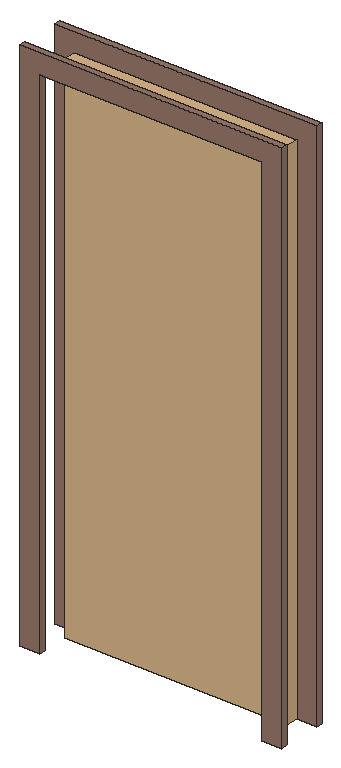
Revit family "M_Porta-Passagem-Nivelada_Painel_Duplo=Agindo", category Portas, Revit 2019
Family settings
  Hospedeiro = Parede
  Número OmniClass = 23.30.10.00
  Título OmniClass = Doors
  Sempre na vertical = Sim
  Corte com vazios quando carregada = Não
  Compartilhado = Não
  Ponto de cálculo do ambiente = Não
Parameters (values of type "900 x 2100mm")
  Visual Light Transmittance = 0
  Material da apara = Pintura - Sienna
  Espessura = 50 mm
  Resistência térmica (R) = 0.455703 (m²·K)/W
  Ângulo de abertura [instance] = 90.00°
  Solar Heat Gain Coefficient = 0
  Material do painel = Madeira - Bétula - Manchada sólida leve com baixo brilho
  ID do tipo de construção = "DOOR"
  Coeficiente de transferência de calor (U) = 2.19465 W/(m²·K)
  Função = Interior
  Código de montagem = "C1020300"
  Altura = 2100 mm
  Projeção da apara externa = 25 mm
  Projeção da apara interna = 25 mm
  Largura da apara externa = 80 mm
  Largura da apara interna = 80 mm
  Fechamento da parede = Por hospedeiro
  Largura = 900 mm
  Construção analítica = "Madeira"
Reference planes
  plane 1 "Centro (Frente/Trás)": y = 0
  plane 2: z = 0
  plane 3 "Centro (Esquerda/Direita)": x = 0
  plane 4 "Esquerda": x = -450
  plane 5 "Direita": x = 450
  plane 6: z = 2100
  plane 7: y = 76.2
  plane 8: y = -76.2
  plane 9: y = 26.2
Forms (mm)
  Extrusion 1, solid, material "Madeira - Bétula - Manchada sólida leve com baixo brilho" <- "Material do painel"
    sketch origin (-1524, -76.2, 0) x (1, 0, 0) y (0, 0, 1)
      loop
        line (1974, 2100) -> (1074, 2100) -> (1074, 0) -> (1974, 0) -> (1974, 2100)
    from -152.4 to -102.4
  Extrusion 2, solid, material "Pintura - Sienna" <- "Material da apara", detail levels fine
    sketch origin (-1524, -76.2, 0) x (1, 0, 0) y (0, 0, 1)
      loop
        line (994, 2180) -> (994, 0) -> (1074, 0) -> (1074, 2100) -> (1974, 2100) -> (1974, 0) -> (2054, 0) -> (2054, 2180) -> (994, 2180)
    from 0 to 25
  Extrusion 3, solid, material "Pintura - Sienna" <- "Material da apara", detail levels fine
    sketch origin (-1524, 76.2, 0) x (-1, 0, 0) y (0, 0, 1)
      loop
        line (-2054, 2180) -> (-2054, 0) -> (-1974, 0) -> (-1974, 2100) -> (-1074, 2100) -> (-1074, 0) -> (-994, 0) -> (-994, 2180) -> (-2054, 2180)
    from 0 to 25
Lines and regions (mm)
  Opening 1
    outline origin (-1524, -76.2, 3657.6) x (0, 0, -1) y (1, 0, 0)
      loop
        line (1557.6, 1074) -> (3657.6, 1074) -> (3657.6, 1974) -> (1557.6, 1974) -> (1557.6, 1074)
  symbolic lines, style "Giro da elevação"
    curve 1: line (-450, 0, 0) -> (450, 0, 1050)
    curve 2: line (-450, 0, 2100) -> (450, 0, 1050)
Dimensions and locks
  equal spacing: plane 4 "Esquerda", plane 3 "Centro (Esquerda/Direita)", plane 5 "Direita"
  "Largura": plane 4 "Esquerda" to plane 5 "Direita"
  "Altura": plane 6 to plane 2
  "Espessura": Extrusion 1 to Extrusion 1
  "Projeção da apara externa": Extrusion 3 to host wall
  "Projeção da apara interna": Extrusion 2 to host wall
  "Largura da apara interna": Extrusion 2 sketch curve to plane 4 "Esquerda"
  "Largura da apara interna": plane 5 "Direita" to Extrusion 2 sketch curve
  "Largura da apara interna": Extrusion 2 sketch curve to plane 6
  "Largura da apara externa": plane 5 "Direita" to Extrusion 3 sketch curve
  "Largura da apara externa": Extrusion 3 sketch curve to plane 4 "Esquerda"
  "Largura da apara externa": plane 6 to Extrusion 3 sketch curve
  equal spacing: level, curve 2, plane 6
  locked: plane 7 to host wall at 0
  locked: host wall to plane 8 at 0
  "Espessura": plane 7 to plane 9
  aligned and locked: plane 5 "Direita" to Extrusion 1 sketch curve
  aligned and locked: Extrusion 1 sketch curve to plane 6
  aligned and locked: plane 4 "Esquerda" to Extrusion 1 sketch curve
  aligned and locked: Extrusion 1 to host wall  (x3)
  aligned and locked: host wall to Extrusion 1
  aligned and locked: nested 1 to plane 5 "Direita"
  aligned and locked: plane 4 "Esquerda" to nested 1
  aligned and locked: nested 2 to plane 4 "Esquerda"
  aligned and locked: nested 1 to plane 7
  aligned and locked: plane 5 "Direita" to nested 2
  aligned and locked: Extrusion 1 to plane 9
  aligned and locked: nested 2 to plane 9
Automatic sketch dimensions
  Opening 1 sketch curve to plane 6 = 0 mm
  Opening 1 sketch curve to level = 0 mm
  Opening 1 sketch curve to plane 4 "Esquerda" = 0 mm
  Opening 1 sketch curve to plane 5 "Direita" = 0 mm
  Extrusion 2 sketch curve to level = 0 mm  (x2)
  Extrusion 2 sketch curve to plane 4 "Esquerda" = 0 mm
  Extrusion 2 sketch curve to plane 5 "Direita" = 0 mm
  Extrusion 2 sketch curve to plane 6 = 0 mm
  Extrusion 3 sketch curve to level = 0 mm  (x2)
  Extrusion 3 sketch curve to plane 5 "Direita" = 0 mm
  Extrusion 3 sketch curve to plane 4 "Esquerda" = 0 mm
  Extrusion 3 sketch curve to plane 6 = 0 mm
  Extrusion 1 sketch curve to level = 0 mm
  curve 2 to plane 4 "Esquerda" = 0 mm
  curve 2 to plane 6 = 0 mm
  curve 2 to plane 5 "Direita" = 0 mm
  curve 1 to level = 0 mm
  curve 1 to plane 4 "Esquerda" = 0 mm
Nested families
  nested 1: "Porta com abertura única" at (450, 76.2, 0), Ângulo de abertura <- "Ângulo de abertura", type "Único"
    with Abertura visível yes, Ângulo de abertura 90.00°, Ângulo real 90.00°
  nested 2: "Abertura da porta-única-oposta" at (450, 26.2, 0), Ângulo de abertura <- "Ângulo de abertura", type "Único"
    with Abertura visível yes, Ângulo de abertura 90.00°, Ângulo real 90.00°
Definition of nested family "Porta com abertura única"
  Parameters (values of type "Único")
    Width = 900 mm
    Thickness = 45 mm
    Abertura visível [instance] = Ângulo de abertura > 1.00°  # yes
    Ângulo de abertura [instance] = 45.00°
    Assembly Code = ""
    Analytic Construction = "<Nenhum>"
    Ângulo real [instance] = if(Ângulo de abertura < 1.00°, 1.00°, Ângulo de abertura)  # 45.00°
  Reference planes
    plane 1 "Centro (Frente/Trás)": y = 0
    plane 2: z = 0
    plane 3 "Centro (Esquerda/Direita)": x = 0
    plane 4: x = -900
  Lines and regions (mm)
    Masking region 1
      outline origin (0, 0, 0) x (-0.707107, 0.707107, 0) y (-0.707107, -0.707107, 0)
        loop
          line (0, 0) -> (900, 0) -> (900, 45) -> (0, 45) -> (0, 0)
    symbolic lines
      curve 1: line (0, 0, 0) -> (-900, 0, 0)
    symbolic lines, visible <- "Abertura visível"
      curve 2: arc (-900, 0, 0) -> (-831.492, 344.415, 0) -> (-636.396, 636.396, 0) r 900
    reference lines
      curve 3: line (0, 0, 0) -> (-636.396, 636.396, 0)
    model lines
      curve 4: line (0, 0, 0) -> (0, 0, 25.4)
  Dimensions and locks
    "Width": plane 4 to plane 3 "Centro (Esquerda/Direita)"
    locked: curve 2 to plane 3 "Centro (Esquerda/Direita)"
    locked: curve 2 to plane 1 "Centro (Frente/Trás)"
    "Width": curve 3 to curve 3
    "Thickness": Masking region 1 sketch curve to Masking region 1 sketch curve
    locked: curve 4 to plane 2 at 25.4
    "Width": radius of curve 2
    "Ângulo real": angle curve 2 to curve 2
    "Ângulo de abertura": angle curve 3 to plane 1 "Centro (Frente/Trás)"
    aligned and locked: curve 1 to plane 1 "Centro (Frente/Trás)"
    aligned and locked: plane 3 "Centro (Esquerda/Direita)" to curve 1
    aligned and locked: plane 3 "Centro (Esquerda/Direita)" to curve 3
    aligned and locked: plane 1 "Centro (Frente/Trás)" to curve 3
    aligned and locked: curve 3 to Masking region 1 sketch curve
    aligned and locked: Masking region 1 sketch curve to curve 3  (x2)
    aligned and locked: plane 3 "Centro (Esquerda/Direita)" to curve 4
    aligned and locked: plane 2 to curve 4
Definition of nested family "Abertura da porta-única-oposta"
  Parameters (values of type "Único")
    Width = 900 mm
    Thickness = 45 mm
    Abertura visível [instance] = Ângulo de abertura > 1.00°  # yes
    Ângulo de abertura [instance] = 45.00°
    Assembly Code = ""
    Analytic Construction = "<Nenhum>"
    Ângulo real [instance] = if(Ângulo de abertura < 1.00°, 1.00°, Ângulo de abertura)  # 45.00°
  Reference planes
    plane 1 "Centro (Frente/Trás)": y = 0
    plane 2: z = 0
    plane 3 "Centro (Esquerda/Direita)": x = 0
    plane 4: x = -900
  Lines and regions (mm)
    symbolic lines
      curve 1: line (0, 0, 0) -> (-900, 0, 0)
      curve 5: line (0, 0, 0) -> (-636.396, 636.396, 0)
      curve 6: line (-636.396, 636.396, 0) -> (-668.216, 604.576, 0)
      curve 7: line (-668.216, 604.576, 0) -> (-31.82, -31.82, 0)
      curve 8: line (-31.82, -31.82, 0) -> (0, 0, 0)
    symbolic lines, visible <- "Abertura visível"
      curve 2: arc (-900, 0, 0) -> (-831.492, 344.415, 0) -> (-636.396, 636.396, 0) r 900
    reference lines
      curve 3: line (0, 0, 0) -> (-636.396, 636.396, 0)
    model lines
      curve 4: line (0, 0, 0) -> (0, 0, 25.4)
  Dimensions and locks
    "Width": plane 4 to plane 3 "Centro (Esquerda/Direita)"
    locked: curve 2 to plane 3 "Centro (Esquerda/Direita)"
    locked: curve 2 to plane 1 "Centro (Frente/Trás)"
    "Width": curve 3 to curve 3
    locked: curve 4 to plane 2 at 25.4
    "Thickness": curve 3 to curve 7
    "Width": radius of curve 2
    "Ângulo real": angle curve 2 to curve 2
    "Ângulo de abertura": angle curve 3 to plane 1 "Centro (Frente/Trás)"
    aligned and locked: curve 1 to plane 1 "Centro (Frente/Trás)"
    aligned and locked: plane 3 "Centro (Esquerda/Direita)" to curve 1
    aligned and locked: plane 3 "Centro (Esquerda/Direita)" to curve 3
    aligned and locked: plane 1 "Centro (Frente/Trás)" to curve 3
    aligned and locked: plane 3 "Centro (Esquerda/Direita)" to curve 4
    aligned and locked: plane 2 to curve 4
    aligned and locked: curve 5 to curve 2
    aligned and locked: curve 6 to curve 3
    aligned and locked: curve 8 to curve 3
Types in the file's own list only (7): name | Transmissão de luz visual | Resistência térmica (R) | Coeficiente de ganho de calor solar | Coeficiente de transferência de calor (U) | Altura | Largura
  750 x 2000mm | 0 | 0.4557 (m²·K)/W | 0 | 2.1946 W/(m²·K) | 2000 mm | 750 mm
  750 x 2100mm | 0 | 0.4557 (m²·K)/W | 0 | 2.1946 W/(m²·K) | 2100 mm | 750 mm
  800 x 2000mm | 0 | 0.4557 (m²·K)/W | 0 | 2.1946 W/(m²·K) | 2000 mm | 800 mm
  800 x 2100mm | 0 | 0.4557 (m²·K)/W | 0 | 2.1946 W/(m²·K) | 2100 mm | 800 mm
  850 x 2000mm | 0 | 0.4557 (m²·K)/W | 0 | 2.1946 W/(m²·K) | 2000 mm | 850 mm
  850 x 2100mm | 0 | 0.4557 (m²·K)/W | 0 | 2.1946 W/(m²·K) | 2100 mm | 850 mm
  900 x 2000mm | 0 | 0.4557 (m²·K)/W | 0 | 2.1946 W/(m²·K) | 2000 mm | 900 mm
